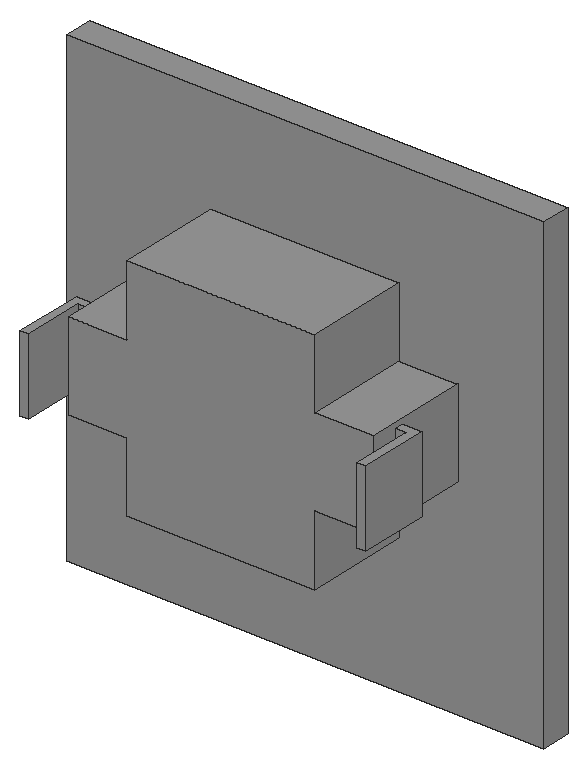
Revit family "IEK_Выключатель_Встраиваемый_10А одноклавишный кнопочный IP20_КВАРТА", category Выключатели, Revit 2019
Family settings
  Сохранять ориентацию аннотаций = Да
  Размер круглого соединителя = Использовать диаметр
  Тип детали = Нормальный
  На основе рабочей плоскости = Нет
  Всегда вертикально = Да
  При загрузке вырезать с полостями = Нет
  Общий = Нет
  Точка расчета площади = Нет
Parameters (values of type "ВСк10-1-0-ККм")
  Ширина = 81.5 mm  # constant formula
  Тип монтажа = "Скрытый монтаж (в штукатурку)"  # constant formula
  Степень защиты = "IP20"  # constant formula
  Изготовитель = "IEK"  # constant formula
  Дата изменения = ""
  Глубина = 46 mm  # constant formula
  Высота = 80.5 mm  # constant formula
  ΔХ [instance] = 2000 mm
  ΔY [instance] = 2000 mm
  KSI_CPr_Строительные изделия = "20.4.01"  # constant formula
  KSI_CMa_Строительные материалы = "01.7.14.03"  # constant formula
  IEK_Цена за единицу = 139.9  # constant formula
  IEK_Поиск в таблице имен = ""
  IEK_Описание = "Классический дизайн, проверенный временем и востребованный различными категориями потребителей, позволяет устанавливать изделия серии \"КВАРТА\" в квартирах, загородных домах, офисных и производственных помещениях."
  IEK_URL = "https://www.iek.ru/products/catalog/izdeliya_elektroustanovochnye_udliniteli_i_silovye_razemy/elektroustanovochnye_izdeliya/elektroustanovochnye_izdeliya_skrytogo_montazha/elektroustanovochnye_izdeliya_kvarta/elektroustanovochnye_izdeliya_kvarta_tsvet_kremovyy/vyklyuchatel_1_klavishnyy_knopochnyy_zvonok_vsk10_1_0_kkm_10a_kvarta_kremovyy_iek"
  ADSK_Ток [instance] = 10 A  # constant formula
  ADSK_Примечание = ""
  ADSK_Полная мощность [instance] = ADSK_Номинальная мощность / ADSK_Коэффициент мощности  # 2200 VA
  ADSK_Позиция [instance] = ""
  ADSK_Номинальная мощность [instance] = ADSK_Ток * ADSK_Напряжение * sqrt(ADSK_Количество фаз числовое) * ADSK_Коэффициент мощности  # 2200 W
  ADSK_Напряжение = 220 V
  ADSK_Наименование = "Выключатель 1-клавишный кнопочный звонок ВСк10-1-0-ККм 10А КВАРТА кремовый IEK"
  ADSK_Материал обозначение = ""
  ADSK_Материал наименование = "Пластик"  # constant formula
  ADSK_Материал = Цвет кремовый
  ADSK_Масса = 0.087
  ADSK_Марка = "КВАРТА"  # constant formula
  ADSK_Коэффициент мощности [instance] = 1  # constant formula
  ADSK_Количество фаз числовое = 1
  ADSK_Количество фаз = 1
  ADSK_Код изделия = "EVK13-K33-10-DM"
  ADSK_Классификация нагрузок [instance] = Прочее
  ADSK_Завод-изготовитель = "IEK"  # constant formula
  ADSK_Единица измерения = "шт"  # constant formula
  ADSK_Группирование = "III ЭЛЕКТРОУСТАНОВОЧНЫЕ И ЭЛЕКТРОМОНТАЖНЫЕ ИЗДЕЛИЯ"  # constant formula
  ADSK_Версия семейства = "1.0"  # constant formula
  ADSK_Версия Revit = "2019"  # constant formula
  ADSK_URL страницы изделия = "https://www.iek.ru/products/catalog/izdeliya_elektroustanovochnye_udliniteli_i_silovye_razemy/elektroustanovochnye_izdeliya/elektroustanovochnye_izdeliya_skrytogo_montazha/elektroustanovochnye_izdeliya_kvarta/?pagec=100"
Types (3, lengths in mm): name | IEK_URL | ADSK_Наименование | ADSK_Материал | ADSK_Масса | ADSK_Код изделия
  (no name) | "https://www.iek.ru/products/catalog/izdeliya_elektroustanovochnye_udliniteli_i_silovye_razemy/elektroustanovochnye_izdeliya/elektroustanovochnye_izdeliya_skrytogo_montazha/elektroustanovochnye_izdeliya_kvarta/elektroustanovochnye_izdeliya_kvarta_tsvet_kremovyy/vyklyuchatel_1_klavishnyy_knopochnyy_zvonok_vsk10_1_0_kkm_10a_kvarta_kremovyy_iek" | "Выключатель 1-клавишный кнопочный звонок ВСк10-1-0-ККм 10А КВАРТА кремовый IEK" | Цвет кремовый | 0.087 | "EVK13-K33-10-DM"
  ВСк10-1-0-КБ | "https://www.iek.ru/products/catalog/izdeliya_elektroustanovochnye_udliniteli_i_silovye_razemy/elektroustanovochnye_izdeliya/elektroustanovochnye_izdeliya_skrytogo_montazha/elektroustanovochnye_izdeliya_kvarta/elektroustanovochnye_izdeliya_kvarta_tsvet_belyy/vyklyuchatel_1_klavishnyy_knopochnyy_zvonok_vsk10_1_0_kb_10a_kvarta_belyy_iek" | "Выключатель 1-клавишный кнопочный звонок ВСк10-1-0-КБ 10А КВАРТА белый IEK" | Цвет белый | 0.09 | "EVK13-K01-10-DM"
  ВСк10-1-0-ККм | "https://www.iek.ru/products/catalog/izdeliya_elektroustanovochnye_udliniteli_i_silovye_razemy/elektroustanovochnye_izdeliya/elektroustanovochnye_izdeliya_skrytogo_montazha/elektroustanovochnye_izdeliya_kvarta/elektroustanovochnye_izdeliya_kvarta_tsvet_kremovyy/vyklyuchatel_1_klavishnyy_knopochnyy_zvonok_vsk10_1_0_kkm_10a_kvarta_kremovyy_iek" | "Выключатель 1-клавишный кнопочный звонок ВСк10-1-0-ККм 10А КВАРТА кремовый IEK" | Цвет кремовый | 0.087 | "EVK13-K33-10-DM"
Reference planes
  plane 1 "По центру (Вперед/Назад)": y = 0
  plane 2: z = 0
  plane 3 "По центру (Влево/Вправо)": x = 0
  plane 4 "Высота ножек": z = 280
  plane 5 "Высота": z = 2081.496
  plane 6: x = -2000
  plane 7: y = 2000
Forms (mm)
  Extrusion 1, solid, material "Цвет кремовый" <- "ADSK_Материал", detail levels fine
    sketch origin (0, 0, 40.25) x (1, 0, 0) y (0, 0, -1)
      loop
        line (-40.75, -40.25) -> (40.75, -40.25) -> (40.75, 40.25) -> (-40.75, 40.25) -> (-40.75, -40.25)
    from 0 to 14.038
  Extrusion 2, void
    sketch origin (-0.5, 0, 41.036) x (-1, 0, 0) y (0, -1, 0)
      loop
        spline (40.25, -5) -> (38.349, -6.53) -> (36.302, -7.861) -> (34.142, -9.01) -> (31.901, -9.995) -> (29.61, -10.832) -> (27.303, -11.54) -> (25.011, -12.136) -> (22.767, -12.637) -> (20.603, -13.06) -> (18.551, -13.423) -> (16.643, -13.743) -> (14.912, -14.038)
        line (14.912, -14.038) -> (11.84, -14.038) -> (11.84, -18.875) -> (40.25, -18.875) -> (40.25, -5)
    from -55.184 to 53.611
  Extrusion 3, void
    sketch origin (0.5, 0, 41.036) x (1, 0, 0) y (0, 1, 0)
      loop
        line (40.25, 5) -> (40.25, 18.875) -> (11.84, 18.875) -> (11.84, 14.038) -> (14.912, 14.038)
        spline (14.912, 14.038) -> (16.643, 13.743) -> (18.551, 13.423) -> (20.603, 13.06) -> (22.767, 12.637) -> (25.011, 12.136) -> (27.303, 11.54) -> (29.61, 10.832) -> (31.901, 9.995) -> (34.142, 9.01) -> (36.302, 7.861) -> (38.349, 6.53) -> (40.25, 5)
    from -55.184 to 53.611
  Extrusion 4, void
    sketch origin (0.786, 0, 40.25) x (0, 0, 1) y (0, -1, 0)
      loop
        spline (40.25, -5) -> (38.356, -6.403) -> (36.324, -7.586) -> (34.182, -8.58) -> (31.961, -9.416) -> (29.69, -10.124) -> (27.399, -10.734) -> (25.119, -11.276) -> (22.878, -11.781) -> (20.708, -12.28) -> (18.636, -12.802) -> (16.694, -13.378) -> (14.912, -14.038)
        line (14.912, -14.038) -> (11.84, -14.038) -> (11.84, -18.875) -> (40.25, -18.875) -> (40.25, -5)
    from -55.184 to 53.611
  Extrusion 5, void
    sketch origin (0, 0, 40.25) x (1, 0, 0) y (0, 0, -1)
      loop
        line (-29, -25) -> (29, -25) -> (29, 25) -> (-29, 25) -> (-29, -25)
    from 1 to 14.038
  Extrusion 6, void
    sketch origin (0.786, 0, 40.25) x (0, 0, -1) y (0, 1, 0)
      loop
        line (40.25, 5) -> (40.25, 18.875) -> (11.84, 18.875) -> (11.84, 14.038) -> (14.912, 14.038)
        spline (14.912, 14.038) -> (16.694, 13.378) -> (18.636, 12.802) -> (20.708, 12.28) -> (22.878, 11.781) -> (25.119, 11.276) -> (27.399, 10.734) -> (29.69, 10.124) -> (31.961, 9.416) -> (34.182, 8.58) -> (36.324, 7.586) -> (38.356, 6.403) -> (40.25, 5)
    from -55.184 to 53.611
  Extrusion 7, solid, material "Цвет кремовый" <- "ADSK_Материал", detail levels fine
    sketch origin (0, 0, 39.887) x (0, 0, 1) y (0, -1, 0)
      loop
        line (-24.209, -5) -> (-24.209, -11.055)
        arc (-24.209, -11.055) -> (-22.524, -15.523) -> (-19.835, -19.47) r 20.163
        arc (-19.835, -19.47) -> (3.045, -18.975) -> (24.863, -12.066) r 80.547
        line (24.863, -12.066) -> (24.863, -5) -> (-24.209, -5)
    from -28.5 to 28.5
  Extrusion 8, solid, material "Цвет кремовый" <- "ADSK_Материал", detail levels fine
    sketch origin (0, 0, 40.25) x (1, 0, 0) y (0, 0, -1)
      loop
        line (16, -22.25) -> (16, -10.25) -> (26, -10.25) -> (26, 4.75) -> (16, 4.75) -> (16, 16.75) -> (-16, 16.75) -> (-16, 4.75) -> (-26, 4.75) -> (-26, -10.25) -> (-16, -10.25) -> (-16, -22.25) -> (16, -22.25)
    from -18 to 0
  Extrusion 9, solid, material "Цвет кремовый" <- "ADSK_Материал", detail levels fine
    sketch origin (0, -492.152, 42.527) x (1, 0, 0) y (0, 1, 0)
      loop
        line (26, 480.152) -> (26, 478.652) -> (27.993, 478.652) -> (27.993, 468.152) -> (29.498, 468.152) -> (29.498, 480.152) -> (26, 480.152)
      loop
        line (-26, 480.152) -> (-29.498, 480.152) -> (-29.498, 468.152) -> (-27.993, 468.152) -> (-27.993, 478.652) -> (-26, 478.652) -> (-26, 480.152)
    from -5.817 to 7.183
  Extrusion 10, solid, detail levels coarse
    sketch origin (0, 0, 0) x (1, 0, 0) y (0, 1, 0)
      loop
        line (-40.75, -24) -> (40.75, -24) -> (40.75, 20) -> (-40.75, 20) -> (-40.75, -24)
    from 0 to 80.5
  Extrusion 11, solid, detail levels medium
    sketch origin (0, 0, 0) x (1, 0, 0) y (0, 1, 0)
      loop
        line (-40.75, 20) -> (-40.75, -24) -> (40.75, -24) -> (40.75, 20) -> (-40.75, 20)
    from 0 to 80.5
Cuts and joins
  Extrusion 2, Extrusion 3, Extrusion 4, Extrusion 5, Extrusion 6 cuts Extrusion 1
Lines and regions (mm)
  reference lines
    curve 1: line (0, 44.647, 0) -> (0, -55.353, 0)
    curve 2: line (-23.829, 0, 0) -> (76.171, 0, 0)
Dimensions and locks
  locked: plane 4 "Высота ножек" to plane 2 at 280
  plane 5 "Высота" to plane 4 "Высота ножек" = 1801.496 mm
  "ΔХ": plane 6 to curve 1
  "ΔY": plane 7 to curve 2
  aligned and locked: level to plane 2
  aligned and locked: curve 2 to nested 1
  aligned and locked: nested 1 to curve 1
Automatic sketch dimensions
  Extrusion 1 sketch curve to level = 0 mm
  Extrusion 1 sketch curve to plane 3 "По центру (Влево/Вправо)" = 40.75 mm
  Extrusion 1 sketch curve to Extrusion 1 sketch curve = 81.5 mm
  level to Extrusion 1 sketch curve = 80.5 mm
  Extrusion 2 sketch curve to plane 3 "По центру (Влево/Вправо)" = 12.34 mm
  Extrusion 2 sketch curve to Extrusion 2 sketch curve = 3.071 mm
  Extrusion 2 sketch curve to Extrusion 2 sketch curve = 25.338 mm
  Extrusion 2 sketch curve to plane 1 "По центру (Вперед/Назад)" = 18.875 mm
  Extrusion 2 sketch curve to Extrusion 2 sketch curve = 4.837 mm
  Extrusion 2 sketch curve to Extrusion 2 sketch curve = 13.875 mm
  plane 3 "По центру (Влево/Вправо)" to Extrusion 3 sketch curve = 12.34 mm
  Extrusion 3 sketch curve to Extrusion 3 sketch curve = 3.071 mm
  Extrusion 3 sketch curve to Extrusion 3 sketch curve = 25.338 mm
  Extrusion 3 sketch curve to plane 1 "По центру (Вперед/Назад)" = 5 mm
  Extrusion 3 sketch curve to Extrusion 3 sketch curve = 9.038 mm
  Extrusion 3 sketch curve to Extrusion 3 sketch curve = 4.837 mm
  level to Extrusion 4 sketch curve = 52.09 mm
  Extrusion 4 sketch curve to Extrusion 4 sketch curve = 3.071 mm
  Extrusion 4 sketch curve to Extrusion 4 sketch curve = 25.338 mm
  Extrusion 4 sketch curve to plane 1 "По центру (Вперед/Назад)" = 18.875 mm
  Extrusion 4 sketch curve to Extrusion 4 sketch curve = 4.837 mm
  Extrusion 4 sketch curve to Extrusion 4 sketch curve = 13.875 mm
  level to Extrusion 5 sketch curve = 15.25 mm
  Extrusion 5 sketch curve to plane 3 "По центру (Влево/Вправо)" = 29 mm
  Extrusion 5 sketch curve to Extrusion 5 sketch curve = 58 mm
  level to Extrusion 5 sketch curve = 65.25 mm
  level to Extrusion 6 sketch curve = 28.41 mm
  Extrusion 6 sketch curve to Extrusion 6 sketch curve = 3.071 mm
  Extrusion 6 sketch curve to Extrusion 6 sketch curve = 25.338 mm
  Extrusion 6 sketch curve to plane 1 "По центру (Вперед/Назад)" = 5 mm
  Extrusion 6 sketch curve to Extrusion 6 sketch curve = 9.038 mm
  Extrusion 6 sketch curve to Extrusion 6 sketch curve = 4.837 mm
  level to Extrusion 7 sketch curve = 15.678 mm
  level to Extrusion 7 sketch curve = 29.77 mm
  level to Extrusion 7 sketch curve = 35.254 mm
  level to Extrusion 7 sketch curve = 64.75 mm
  Extrusion 7 sketch curve to plane 1 "По центру (Вперед/Назад)" = 12.066 mm
  Extrusion 7 sketch curve to Extrusion 7 sketch curve = 1.011 mm
  Extrusion 7 sketch curve to Extrusion 7 sketch curve = 4.83 mm
  Extrusion 7 sketch curve to Extrusion 7 sketch curve = 7.066 mm
  Extrusion 7 sketch curve to Extrusion 7 sketch curve = 66.713 mm
  level to Extrusion 8 sketch curve = 50.5 mm  (x2)
  Extrusion 8 sketch curve to plane 3 "По центру (Влево/Вправо)" = 26 mm
  Extrusion 8 sketch curve to Extrusion 8 sketch curve = 10 mm  (x3)
  Extrusion 8 sketch curve to Extrusion 8 sketch curve = 32 mm
  level to Extrusion 8 sketch curve = 35.5 mm  (x2)
  Extrusion 8 sketch curve to Extrusion 8 sketch curve = 0 mm
  Extrusion 8 sketch curve to Extrusion 8 sketch curve = 12 mm  (x2)
  plane 1 "По центру (Вперед/Назад)" to Extrusion 9 sketch curve = 12 mm
  Extrusion 9 sketch curve to plane 3 "По центру (Влево/Вправо)" = 29.498 mm
  Extrusion 9 sketch curve to Extrusion 9 sketch curve = 1.504 mm  (x2)
  Extrusion 9 sketch curve to Extrusion 9 sketch curve = 1.993 mm
  plane 3 "По центру (Влево/Вправо)" to Extrusion 9 sketch curve = 26 mm
  plane 3 "По центру (Влево/Вправо)" to Extrusion 9 sketch curve = 27.993 mm
  Extrusion 9 sketch curve to Extrusion 9 sketch curve = 1.5 mm  (x2)
  plane 1 "По центру (Вперед/Назад)" to Extrusion 9 sketch curve = 13.5 mm
  Extrusion 9 sketch curve to Extrusion 9 sketch curve = 10.5 mm  (x2)
  plane 1 "По центру (Вперед/Назад)" to Extrusion 10 sketch curve = 24 mm
  Extrusion 10 sketch curve to plane 1 "По центру (Вперед/Назад)" = 20 mm
  Extrusion 10 sketch curve to plane 3 "По центру (Влево/Вправо)" = 40.75 mm
  plane 3 "По центру (Влево/Вправо)" to Extrusion 10 sketch curve = 40.75 mm
  Extrusion 11 sketch curve to plane 3 "По центру (Влево/Вправо)" = 40.75 mm
  plane 3 "По центру (Влево/Вправо)" to Extrusion 11 sketch curve = 40.75 mm
  plane 1 "По центру (Вперед/Назад)" to Extrusion 11 sketch curve = 24 mm
  Extrusion 11 sketch curve to plane 1 "По центру (Вперед/Назад)" = 20 mm
  curve 2 to plane 3 "По центру (Влево/Вправо)" = 23.829 mm
  plane 3 "По центру (Влево/Вправо)" to curve 2 = 76.171 mm
  plane 1 "По центру (Вперед/Назад)" to curve 1 = 55.353 mm
  curve 1 to plane 1 "По центру (Вперед/Назад)" = 44.647 mm
Nested families
  nested 1: "УГО Выключателя" at (0, 0, 0), type "1K-C", detail levels coarse+medium
    with IP44 no
Connectors
  electrical at (0, 0, 40.25), driven by "ADSK_Количество фаз", driven by "ADSK_Классификация нагрузок", driven by "ADSK_Напряжение", driven by "ADSK_Полная мощность", driven by "ADSK_Коэффициент мощности"
    settings: on cut or joined group of Extrusion 1, Extrusion 2, Extrusion 3, Extrusion 4, Extrusion 5, Extrusion 6, index 1, voltage 220 V, apparent load 0 VA, apparent load phase1 2200 VA, apparent load phase2 0 VA, apparent load phase3 0 VA, power factor 1, load classification "Прочее", number of poles 1, system type 31, power factor state 1, is connector primary yes, connector utility no, sub classification motor no, connector description ""
Definition of nested family "УГО Выключателя"
  Parameters (values of type "3K-O")
    IP44 [instance] = no
    3K-C = no
    2K-C = no
    1K-C = no
    3K-O = yes
    2K-O = no
    1K-O = no
  Types (6, lengths in mm): name | 3K-C | 2K-C | 1K-C | 3K-O | 1K-O
    2K-O | no | no | no | yes | no
    3K-O | no | no | no | yes | no
    2K-C | no | yes | no | no | no
    1K-O | no | no | no | no | yes
    1K-C | no | no | yes | no | no
    3K-C | yes | no | no | no | no
  Reference planes
    plane 1: y = 0
    plane 2: x = 0
  Lines and regions (mm)
    Filled region 1, type "Цветовая область 1", visible <- "IP44"
      outline origin (0, 0, 0) x (1, 0, 0) y (0, 1, 0)
        loop
          circle (0.006, 0.994) r 0.994
    Filled region 2, type "Цветовая область 1", visible <- "IP44", not visible
      outline origin (0, 0, 0) x (1, 0, 0) y (0, 1, 0)
        loop
          circle (0, 2.214) r 0.994
    Filled region 3, type "Цветовая область 1", visible <- "IP44"
      outline origin (-1.562, 0, 0) x (1, 0, 0) y (0, 1, 0)
        loop
          circle (1.569, 0.994) r 0.994
    Filled region 4, type "Цветовая область 1", visible <- "1K-O"
      outline origin (0, 6.25, 0) x (1, 0, 0) y (0, 1, 0)
        loop
          circle (0.006, -5.256) r 0.994
    Filled region 5, type "Цветовая область 1", visible <- "IP44"
      outline origin (-1.562, 0, 0) x (1, 0, 0) y (0, 1, 0)
        loop
          circle (1.569, 0.994) r 0.994
    Filled region 6, type "Цветовая область 1", visible <- "IP44"
      outline origin (0, 0, 0) x (1, 0, 0) y (0, 1, 0)
        loop
          circle (0.006, 0.994) r 0.994
    Filled region 7, type "Цветовая область 1", visible <- "IP44", not visible
      outline origin (-1.562, 0, 0) x (1, 0, 0) y (0, 1, 0)
        loop
          circle (11.009, 9.276) r 0.994
    Filled region 8, type "Цветовая область 1", visible <- "1K-O", not visible
      outline origin (0, 6.25, 0) x (1, 0, 0) y (0, 1, 0)
        loop
          circle (15.194, 9.276) r 0.994
    Filled region 9, type "Цветовая область 1", visible <- "IP44", not visible
      outline origin (-1.562, 0, 0) x (1, 0, 0) y (0, 1, 0)
        loop
          circle (23.521, 9.279) r 0.994
    Filled region 10, type "Цветовая область 1", visible <- "IP44", not visible
      outline origin (0, 0, 0) x (1, 0, 0) y (0, 1, 0)
        loop
          circle (28.604, 9.279) r 0.994
    Filled region 11, type "Цветовая область 1", visible <- "IP44", not visible
      outline origin (0, 0, 0) x (1, 0, 0) y (0, 1, 0)
        loop
          circle (32.789, 9.279) r 0.994
    Filled region 12, type "Цветовая область 1", visible <- "IP44"
      outline origin (0, 0, 0) x (1, 0, 0) y (0, 1, 0)
        loop
          circle (0.006, 0.994) r 0.994
    detail lines, visible <- "3K-O"
      curve 1: line (0.867, 1.49, 0) -> (3.037, 2.744, 0)
      curve 2: line (0.645, 1.755, 0) -> (2.256, 3.675, 0)
      curve 3: line (0.33, 1.933, 0) -> (1.146, 4.303, 0)
      curve 7: circle (0.006, 0.994, 0) r 0.994 normal (0, 0, 1)
      curve 16: line (3.037, 2.744, 0) -> (3.437, 2.051, 0)
      curve 17: line (2.256, 3.675, 0) -> (2.869, 3.161, 0)
      curve 18: line (1.146, 4.303, 0) -> (1.902, 4.042, 0)
    detail lines, visible <- "2K-O"
      curve 4: line (0.756, 1.645, 0) -> (2.648, 3.29, 0)
      curve 5: line (0.488, 1.863, 0) -> (1.703, 4.055, 0)
      curve 8: circle (0.006, 0.994, 0) r 0.994 normal (0, 0, 1)
      curve 19: line (2.648, 3.29, 0) -> (3.173, 2.686, 0)
      curve 20: line (1.703, 4.055, 0) -> (2.403, 3.667, 0)
    detail lines, visible <- "1K-O"
      curve 6: line (0.576, 1.808, 0) -> (2.014, 3.861, 0)
      curve 9: circle (0.006, 0.994, 0) r 0.994 normal (0, 0, 1)
      curve 21: line (2.014, 3.861, 0) -> (2.669, 3.402, 0)
    detail lines, visible <- "3K-C"
      curve 10: line (0.867, 1.49, 0) -> (3.037, 2.744, 0)
      curve 11: line (0.645, 1.755, 0) -> (2.256, 3.675, 0)
      curve 12: line (0.33, 1.933, 0) -> (1.146, 4.303, 0)
      curve 14: circle (0.006, 0.994, 0) r 0.994 normal (0, 0, 1)
      curve 23: line (2.812, 3.133, 0) -> (3.262, 2.354, 0)
      curve 24: line (1.911, 3.964, 0) -> (2.601, 3.386, 0)
      curve 25: line (0.72, 4.449, 0) -> (1.571, 4.156, 0)
    detail lines, visible <- "1K-C"
      curve 13: line (0.576, 1.808, 0) -> (2.014, 3.861, 0)
      curve 15: circle (0.006, 0.994, 0) r 0.994 normal (0, 0, 1)
      curve 22: line (1.645, 4.119, 0) -> (2.383, 3.603, 0)
    detail lines, visible <- "3K-O", not visible
      curve 26: line (0.86, 2.711, 0) -> (3.031, 3.964, 0)
      curve 27: line (0.639, 2.975, 0) -> (2.25, 4.895, 0)
      curve 28: line (0.323, 3.154, 0) -> (1.139, 5.524, 0)
      curve 29: circle (0, 2.214, 0) r 0.994 normal (0, 0, 1)
      curve 30: line (3.031, 3.964, 0) -> (3.431, 3.272, 0)
      curve 31: line (2.25, 4.895, 0) -> (2.863, 4.381, 0)
      curve 32: line (1.139, 5.524, 0) -> (1.896, 5.263, 0)
    detail lines, visible <- "2K-O", not visible
      curve 33: line (10.196, 9.928, 0) -> (12.088, 11.572, 0)
      curve 34: line (9.928, 10.145, 0) -> (11.143, 12.337, 0)
      curve 35: circle (9.446, 9.276, 0) r 0.994 normal (0, 0, 1)
      curve 36: line (12.088, 11.572, 0) -> (12.613, 10.968, 0)
      curve 37: line (11.143, 12.337, 0) -> (11.843, 11.949, 0)
    detail lines, visible <- "1K-O", not visible
      curve 38: line (15.764, 16.34, 0) -> (17.201, 18.393, 0)
      curve 39: circle (15.194, 15.526, 0) r 0.994 normal (0, 0, 1)
      curve 40: line (17.201, 18.393, 0) -> (17.857, 17.934, 0)
    detail lines, visible <- "3K-C", not visible
      curve 41: line (22.819, 9.775, 0) -> (24.99, 11.029, 0)
      curve 42: line (22.597, 10.04, 0) -> (24.208, 11.96, 0)
      curve 43: line (22.282, 10.218, 0) -> (23.098, 12.588, 0)
      curve 44: circle (21.958, 9.279, 0) r 0.994 normal (0, 0, 1)
      curve 45: line (24.765, 11.418, 0) -> (25.215, 10.639, 0)
      curve 46: line (23.863, 12.249, 0) -> (24.553, 11.67, 0)
      curve 47: line (22.672, 12.734, 0) -> (23.523, 12.441, 0)
    detail lines, visible <- "2K-C", not visible
      curve 48: line (29.354, 9.93, 0) -> (31.246, 11.575, 0)
      curve 49: line (29.086, 10.148, 0) -> (30.301, 12.34, 0)
      curve 50: circle (28.604, 9.279, 0) r 0.994 normal (0, 0, 1)
      curve 51: line (30.951, 11.914, 0) -> (31.541, 11.235, 0)
      curve 52: line (29.908, 12.558, 0) -> (30.695, 12.122, 0)
    detail lines, visible <- "1K-C", not visible
      curve 53: line (33.359, 10.092, 0) -> (34.797, 12.146, 0)
      curve 54: circle (32.789, 9.279, 0) r 0.994 normal (0, 0, 1)
      curve 55: line (34.428, 12.404, 0) -> (35.165, 11.887, 0)
    detail lines, visible <- "2K-C"
      curve 56: line (0.756, 1.645, 0) -> (2.648, 3.29, 0)
      curve 57: line (0.488, 1.863, 0) -> (1.703, 4.055, 0)
      curve 58: circle (0.006, 0.994, 0) r 0.994 normal (0, 0, 1)
      curve 59: line (2.353, 3.629, 0) -> (2.943, 2.95, 0)
      curve 60: line (1.31, 4.273, 0) -> (2.097, 3.837, 0)
    detail lines
      curve 61: line (0.006, 0, 0) -> (0.006, 2.454, 0)
      curve 62: line (0.006, 0, 0) -> (2.217, 0, 0)
